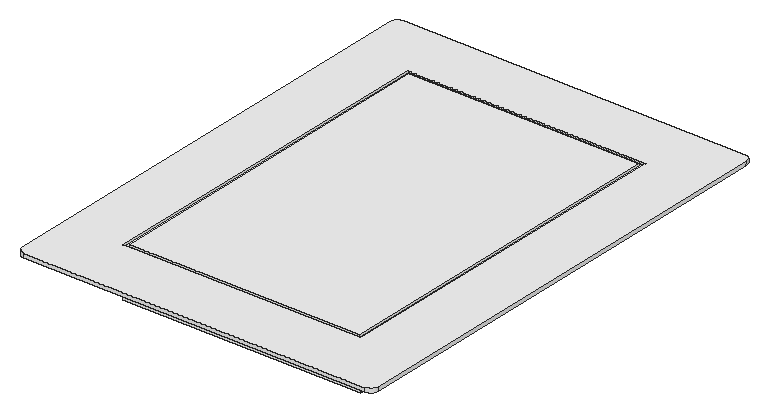
Revit family "Access_Door-Acudor-Non-Rated_Flush-PA-3000_Series", category Specialty Equipment, host Face, Revit 2014
Parameters (values of type "PA-3000 4x6")
  Width = 4"
  Wall Mounted = not(Ceiling Mounted)  # no
  URL = "http://acudor.com/"
  Type Comments = ""
  Product Page URL = "https://acudor.com/products/flush-acces-doors/pa-3000"
  Product Documentation Link = "https://acudor.com/images/acudor/accessdoors/flush/PA3000/PA3000_PS.pdf"
  Model = "PA-3000 4x6"
  Material = "Styrene Plastic-Acudor-Powder White"  # constant formula
  Manufacturer = "Acudor"  # constant formula
  Length = 211/256"  # constant formula
  Installation Type = if(Ceiling Mounted, "Ceiling Mounted", "Wall Mounted")  # "Ceiling Mounted"
  Height = 6"
  Finish = Styrene Plastic-Acudor-Powder White
  Description = "Flush Non-Rated Plastic Access Door"  # constant formula
  Default Elevation = 48"
  Ceiling Mounted = yes
  Assembly Code = "C1020700"
Types (10): name | Width | Model | Height
  (no name) | 4" | "PA-3000 4x6" | 6"
  PA-3000 4x6 | 4" | "PA-3000 4x6" | 6"
  PA-3000 6x9 | 6" | "PA-3000 6x9" | 9"
  PA-3000 8x8 | 8" | "PA-3000 8x8" | 8"
  PA-3000 12x12 | 12" | "PA-3000 12x12" | 12"
  PA-3000 14x14 | 14" | "PA-3000 14x14" | 14"
  PA-3000 14x29 | 14" | "PA-3000 14x29" | 29"
  PA-3000 18x18 | 18" | "PA-3000 18x18" | 18"
  PA-3000 22x22 | 22" | "PA-3000 22x22" | 22"
  PA-3000 24x24 | 24" | "PA-3000 24x24" | 24"
Reference planes (in)
  plane 1 "Center (Front/Back)": y = 0
  plane 2: z = 0
  plane 3 "Center (Left/Right)": x = 0
  plane 4: y = 4
  plane 5: y = -4
  plane 6: x = 3
  plane 7: x = -3
  plane 8: y = 3
  plane 9: y = -3
  plane 10: x = 2
  plane 11: x = -2
  plane 12: x = 0.91643
  plane 13: z = -0.76172
  plane 14: z = 0.0625
  plane 15: z = 0.23161
  plane 16: y = 1.5
  plane 17: y = -1.5
Forms (in)
  Sweep 1, solid, material "Styrene Plastic-Acudor-Powder White" <- "Finish"
    path origin (0, 0, 0) x (1, 0, 0) y (0, 1, 0)
      loop
        line (-2, 3) -> (-2, -3) -> (2, -3) -> (2, 3) -> (-2, 3)
    profile origin (0, 3, 0) x (0, 1, 0) y (0, 0, 1)
      loop
        line (-1.56104, -0.76172) -> (0, -0.76172) -> (0, 0) -> (1, 0) -> (1, 0.0625) -> (0, 0.0625) -> (0, 0.03108) -> (-0.06104, 0.03108) -> (-0.06104, 0.0625) -> (-1.56104, 0.0625) -> (-1.56104, -0.76172)
  Extrusion 2, void
    sketch origin (0, 0, 0) x (1, 0, 0) y (0, 1, 0)
      loop
        line (-3, 4) -> (-3, 3.875)
        arc (-3, 3.875) -> (-2.96339, 3.96339) -> (-2.875, 4) r 0.125
        line (-2.875, 4) -> (-3, 4)
      loop
        line (3, 4) -> (2.875, 4)
        arc (2.875, 4) -> (2.96339, 3.96339) -> (3, 3.875) r 0.125
        line (3, 3.875) -> (3, 4)
      loop
        line (-3, -4) -> (-2.875, -4)
        arc (-2.875, -4) -> (-2.96339, -3.96339) -> (-3, -3.875) r 0.125
        line (-3, -3.875) -> (-3, -4)
      loop
        line (3, -4) -> (3, -3.875)
        arc (3, -3.875) -> (2.96339, -3.96339) -> (2.875, -4) r 0.125
        line (2.875, -4) -> (3, -4)
    from 0 to 0.0625
  Extrusion 3, solid, material "Styrene Plastic-Acudor-Powder White" <- "Finish"
    sketch origin (0, 0, 0) x (1, 0, 0) y (0, 1, 0)
      loop
        line (-0.43896, 1.43896) -> (-0.43896, -1.43896) -> (0.43896, -1.43896) -> (0.43896, 1.43896) -> (-0.43896, 1.43896)
    from -0.76172 to 0.0625
Cuts and joins
  Extrusion 2 cuts Sweep 1
  joined: Sweep 1, Extrusion 3
Lines and regions (in)
  Masking region 1
    outline origin (0, 0, 0) x (1, 0, 0) y (0, 0, 1)
      loop
        line (2, -0.76172) -> (2, 0) -> (3, 0) -> (3, 0.0625) -> (-3, 0.0625) -> (-3, 0) -> (-2, 0) -> (-2, -0.76172) -> (2, -0.76172)
  symbolic lines, detail levels medium+fine
    curve 1: line (1.26875, 0, 0.0625) -> (0.56412, 0, 0.0625)
    curve 2: line (2, 0, 0) -> (-2, 0, 0)
Dimensions and locks (in)
  "Height": plane 8 to plane 9
  equal spacing: plane 11, plane 3 "Center (Left/Right)", plane 10
  "Width": plane 11 to plane 10
  locked: plane 4 to plane 8 at 1
  locked: plane 5 to plane 9 at 1
  locked: plane 7 to plane 11 at 1
  locked: plane 10 to plane 6 at 1
  locked: plane 12 to plane 10 at 1.08357
  locked: plane 14 to level at 0.0625
  "Length": plane 14 to plane 13
  locked: Sweep 1 sketch curve to plane 14 at 0.03142
  locked: plane 8 to Sweep 1 sketch curve at 0.06104
  locked: plane 14 to plane 15 at 0.16911
  equal spacing: plane 8, plane 16, plane 1 "Center (Front/Back)", plane 17, plane 9
  locked: plane 8 to Sweep 1 sketch curve at 1.56104
  radius of Extrusion 2 sketch curve = 1/8"  (x4)
  aligned and locked: plane 2 to host face
  aligned and locked: level to host face
  aligned and locked: Sweep 1 sketch curve to plane 8  (x2)
  aligned and locked: Sweep 1 sketch curve to plane 11
  aligned and locked: Sweep 1 sketch curve to plane 9
  aligned and locked: Sweep 1 sketch curve to plane 10
  aligned and locked: plane 13 to Sweep 1 sketch curve
  aligned and locked: level to Masking region 1 sketch curve
  aligned and locked: Masking region 1 sketch curve to plane 10
  aligned and locked: Masking region 1 sketch curve to plane 13
  aligned and locked: plane 11 to Masking region 1 sketch curve
  aligned and locked: Masking region 1 sketch curve to level
  aligned and locked: Masking region 1 sketch curve to plane 14
  aligned and locked: plane 11 to curve 2
  aligned and locked: plane 10 to curve 2
  aligned and locked: curve 2 to level
  aligned and locked: curve 1 to plane 14
  aligned and locked: Sweep 1 sketch curve to plane 14  (x2)
  aligned and locked: Sweep 1 sketch curve to plane 4
  aligned and locked: plane 2 to Sweep 1 sketch curve
  aligned and locked: plane 8 to Sweep 1 sketch curve
  aligned and locked: Extrusion 2 sketch curve to plane 7
  aligned and locked: plane 5 to Extrusion 2 sketch curve
  aligned and locked: Extrusion 2 sketch curve to plane 5
  aligned and locked: plane 6 to Extrusion 2 sketch curve
  aligned and locked: Extrusion 2 sketch curve to plane 6
  aligned and locked: plane 4 to Extrusion 2 sketch curve
  aligned and locked: plane 7 to Extrusion 2 sketch curve
  aligned and locked: Extrusion 2 sketch curve to plane 4
  aligned and locked: Extrusion 2 to level
  aligned and locked: Extrusion 2 to Sweep 1
  aligned and locked: plane 7 to Masking region 1 sketch curve
  aligned and locked: Masking region 1 sketch curve to plane 6
  aligned and locked: Extrusion 3 sketch curve to cut or joined group of Sweep 1, Extrusion 2, Extrusion 3  (x4)
  aligned and locked: cut or joined group of Sweep 1, Extrusion 2, Extrusion 3 to Extrusion 3  (x2)
Automatic sketch dimensions
  host sketch curve to host sketch curve = 96"  (x2)
  curve 1 to plane 12 = 0.35232"
  plane 12 to curve 1 = 0.35232"
